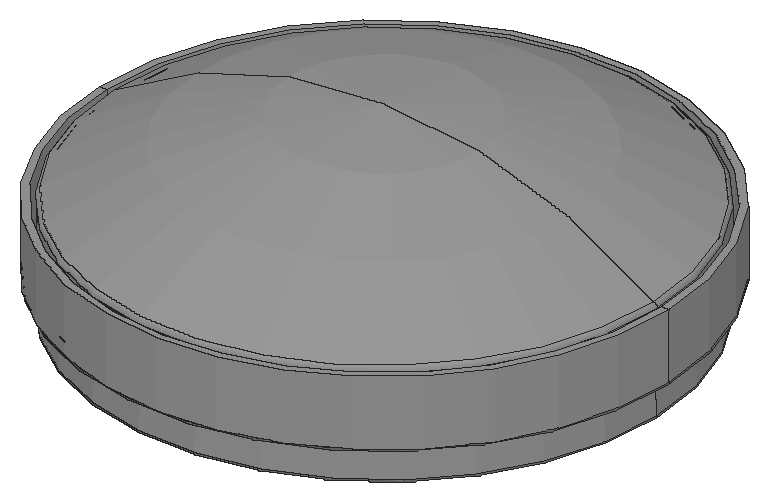
Revit family "3034801 Sylvania Lighting Fixture GIOTTO335 LED G2 3000K SURFACE 1-10V", category Lighting Fixtures, host Face, Revit 2016
Family settings
  Host = Face
  Part Type = Normal
  Round Connector Dimension = Use Diameter
  OmniClass Number = 23.80.70.00
  OmniClass Title = Lighting
  Cut with Voids When Loaded = No
  Light Source = Yes
  Shared = No
  Room Calculation Point = No
Parameters (values of type "3034801 GIOTTO335 LED G2 SURFACE 3000K 1-10V")
  Weight = "1.2 kg"
  Wattage Comments = ""
  Wattage = 23 W
  WarrantyStartDate [instance] = "n/a"
  WarrantyGuarantorParts = "n/a"
  WarrantyDurationUnit = "n/a"
  WarrantyDurationParts = "n/a"
  WarrantyDescription = "n/a"
  built-in parameter 1150110 = 1 (stored number, unit not read)
  Voltage = 230 V
  URL = "http://www.sylvania-lighting.com"
  TypeName = "GIOTTO335 LED G2 3000K SURFACE 1-10V"
  Type Image = <None>
  Type Comments = "n/a"
  built-in parameter 1114217 = 1 (stored number, unit not read)
  Tilt Angle = -90.00°
  built-in parameter 1150109 = 1 (stored number, unit not read)
  built-in parameter 1150134 = (empty or 0)
  built-in parameter 1150113 = 1 (stored number, unit not read)
  SerialNumber [instance] = "n/a"
  Photometric Web File = "3034801.ies"
  Material_3_SYL = LED-Sylvania
  PowerFactor = 0
  PowerConsumption = "23 W"
  NominalLength = 335 mm
  NominalHeight = 110 mm
  NominalDepth = 335 mm
  Name = "GIOTTO335 LED G2 3000K SURFACE 1-10V"
  ModelReference = Name  # "GIOTTO335 LED G2 3000K SURFACE 1-10V"
  ModelNumber = "3034801"
  Model = Name  # "GIOTTO335 LED G2 3000K SURFACE 1-10V"
  Material = "polycarbonate housing, polycarbonate diffuser"
  ManufacturerName = "Feilo Sylvania"
  Manufacturer = "Feilo Sylvania"
  LuminousEfficacy = "92 lm/W"
  built-in parameter 1150105 = 647.62 (stored number, unit not read)
  Lumens = 2116 lm
  LuminaireType = ""
  built-in parameter 1150115 = 1 (stored number, unit not read)
  LightOutputRatio = "n/a"
  built-in parameter 1150137 = (empty or 0)
  built-in parameter 1150139 = (empty or 0)
  LampsType = Lamp  # "LED"
  LampNominalLuminous = "2111 lm"
  LampMacAdamStep = "n/a"
  LampColourTemperature = "3000 K"
  LampColourRenderingIndex = "80"
  built-in parameter 1150112 = 1 (stored number, unit not read)
  built-in parameter 1150114 = 1 (stored number, unit not read)
  Lamp = "LED"
  Keynote = "16500"
  InstallationDate [instance] = "n/a"
  InputVoltage = "n/a"
  InputNominalFrequency = "n/a"
  built-in parameter 1150132 = (empty or 0)
  built-in parameter 1150102 = (empty or 0)
  built-in parameter 1150107 = 3000 (stored number, unit not read)
  built-in parameter 1150138 = (empty or 0)
  IngressProtection = "IP44"
  ImpactProtectionIndex = "IK10"
  built-in parameter 1150106 = 6.4762 (stored number, unit not read)
  IfcExportType = "IfcLightFixtureType"
  IfcExportAs = "IfcLightFixtureType"
  Height_SYL = 110 mm
  ExpectedLife = 50000
  Emit from Circle Diameter = 317 mm
  Emit Shape Visible in Rendering = no
  ElectricShockClassification = "Class I"
  built-in parameter 1150104 = 8.5471 (stored number, unit not read)
  DurationUnit = "hours"
  DocumentationLiterature = "http://www.sylvania-lighting.com/product/en-int/products/3034801"
  DimmingControlOptions = "n/a"
  Material_2_SYL = Polycarbonate_Sylvania_Giotto_Opal
  Dimming Lamp Color Temperature Shift = <None>
  DiffuserRadius_SYL = 282.611 mm
  Diameter_SYL = 335 mm
  Description = "Ambient and decorative round, surface mounted LED bulkhead luminaire. White robust polycarbonate body with opal diffuser, 2111 lm, 23W, 92lm/W, 3000K, CRI 80, 1-10V dimmable, 50,000 hours lumen maintenance. Drive current: 700mA, IP44, IK10, Class I, 220-240V, Energy class: A++, A+, A."
  Default Elevation = 1219.2 mm
  CreatedOn = "9/13/2018"
  CreatedBy = "@sylvania-lighting.com"
  Cost = 0
  Color Filter = 16777215
  built-in parameter 1114216 [instance] = (empty or 0)
  ClassificationValue = "EF_70_80"
  ClassificationName = "Uniclass2015"
  Material_1_SYL = Polycarbonate_Sylvania_Giotto_White
  BarCode [instance] = "n/a"
  built-in parameter 1114218 = 1 (stored number, unit not read)
  built-in parameter 1150133 = 10 (stored number, unit not read)
  AssetType = "Fixed"
  AssetIdentifier [instance] = "n/a"
  Assembly Code = "D5020200"
  Apparent Load = 23 VA
  Material_4_SYL = none
Reference planes
  plane 1 "Center (Front/Back)": y = 0
  plane 2: z = 0
  plane 3 "Center (Left/Right)": x = 0
  plane 4: x = 167.5
  plane 5: x = -167.5
  plane 6: x = -160.5
  plane 7: x = -163.5
  plane 8: z = 110
  plane 9: z = 60
  plane 10: z = 20
  plane 11: z = 25
  plane 12: x = -165.9
  plane 13: z = 21.6
  plane 14: z = 1.6
  plane 15: x = -158.9
  plane 16: z = 19
  plane 17: x = -161.5
  plane 18: z = 26
Forms (mm)
  Revolve 1, solid, material "Polycarbonate_Sylvania_Giotto_White" <- "Material_1_SYL"
    sketch origin (0, 0, 0) x (1, 0, 0) y (0, 0, 1)
      loop
        line (0, 0) -> (0, 26) -> (-158.9, 26) -> (-158.9, 25) -> (-163.5, 25) -> (-163.5, 60) -> (-167.5, 60) -> (-167.5, 21.6)
        arc (-167.5, 21.6) -> (-167.031, 20.469) -> (-165.9, 20) r 1.6
        line (-165.9, 20) -> (-160.5, 20)
        arc (-160.5, 20) -> (-160.193, 19.541) -> (-160.086, 19) r 1.414
        line (-160.086, 19) -> (-160.5, 1.6)
        arc (-160.5, 1.6) -> (-160.031, 0.469) -> (-158.9, 0) r 1.6
        line (-158.9, 0) -> (0, 0)
      axis (0, 60) -> (0, 0)
    angle from 360 to 0
  Revolve 2, solid, material "Polycarbonate_Sylvania_Giotto_Opal" <- "Material_2_SYL"
    sketch origin (0, 0, 0) x (1, 0, 0) y (0, 0, 1)
      loop
        line (-160.5, 25) -> (-158.5, 25) -> (-158.5, 57.891)
        arc (-158.5, 57.891) -> (-158.267, 58.827) -> (-157.623, 59.545) r 2
        arc (-157.623, 59.545) -> (-82.451, 95.612) -> (0, 107.998) r 280.611
        line (0, 107.998) -> (0, 109.998)
        arc (0, 109.998) -> (-83.039, 97.523) -> (-158.747, 61.2) r 282.611
        arc (-158.747, 61.2) -> (-160.035, 59.763) -> (-160.5, 57.891) r 4
        line (-160.5, 57.891) -> (-160.5, 25)
      axis (0, 109.998) -> (0, 25)
    angle from 360 to 0
Dimensions and locks
  equal spacing: plane 4, plane 3 "Center (Left/Right)", plane 5
  "Diameter_SYL": plane 4 to plane 5
  locked: plane 6 to plane 5 at 7
  locked: plane 7 to plane 5 at 4
  "Height_SYL": plane 8 to plane 2
  locked: plane 8 to plane 9 at 50
  locked: plane 9 to plane 10 at 40
  Revolve 1 sketch curve to Revolve 1 sketch curve = 5.4 mm
  locked: plane 11 to plane 10 at 5
  locked: plane 12 to plane 5 at 1.6
  locked: plane 13 to plane 10 at 1.6
  locked: plane 14 to plane 2 at 1.6
  locked: plane 15 to plane 6 at 1.6
  locked: plane 6 to plane 17 at 1
  locked: plane 10 to plane 16 at 1
  locked: plane 18 to plane 11 at 1
  "DiffuserRadius_SYL": radius of Revolve 2 sketch curve
  aligned and locked: plane 2 to host face
  aligned and locked: level to host face
  aligned and locked: Revolve 1 sketch curve to plane 3 "Center (Left/Right)"
  aligned and locked: level to Revolve 1 sketch curve
  aligned and locked: Revolve 1 sketch curve to plane 10
  aligned and locked: plane 9 to Revolve 1 sketch curve
  aligned and locked: Revolve 1 sketch curve to plane 7
  aligned and locked: plane 12 to Revolve 1 sketch curve  (x2)
  aligned and locked: plane 13 to Revolve 1 sketch curve  (x2)
  aligned and locked: plane 17 to Revolve 1 sketch curve
  aligned and locked: plane 16 to Revolve 1 sketch curve  (x2)
  aligned and locked: plane 15 to Revolve 1 sketch curve  (x3)
  aligned and locked: plane 14 to Revolve 1 sketch curve  (x2)
  aligned and locked: Revolve 2 sketch curve to plane 3 "Center (Left/Right)"
  aligned and locked: plane 6 to Revolve 2 sketch curve
  aligned and locked: Revolve 2 sketch curve to Revolve 2 sketch curve
  aligned and locked: plane 3 "Center (Left/Right)" to imposter light
  aligned and locked: imposter light to plane 1 "Center (Front/Back)"
  aligned and locked: plane 18 to Revolve 1 sketch curve
  aligned and locked: plane 11 to Revolve 1 sketch curve
  aligned and locked: plane 11 to Revolve 2 sketch curve
  aligned and locked: plane 3 "Center (Left/Right)" to Revolve 2 sketch curve
  aligned and locked: imposter light to plane 8
Automatic sketch dimensions
  host sketch curve to host sketch curve = 2438.4 mm  (x2)
  Revolve 1 sketch curve to plane 3 "Center (Left/Right)" = 0 mm
  Revolve 1 sketch curve to level = 609.6 mm
  Revolve 1 sketch curve to plane 8 = 2499.058 mm
  Revolve 2 sketch curve to Revolve 2 sketch curve = 0 mm  (x3)
  plane 15 to Revolve 2 sketch curve = 0.4 mm
  Revolve 2 sketch curve to Revolve 2 sketch curve = 2 mm  (x2)
  Revolve 2 sketch curve to level = 172.613 mm
  plane 9 to Revolve 2 sketch curve = 2.109 mm
  Revolve 2 sketch curve to Revolve 2 sketch curve = 436.987 mm
  Revolve 2 sketch curve to plane 8 = 2499.058 mm
Connectors
  electrical at (0, 0, 0), driven by "Apparent Load", driven by "PowerFactor", driven by "Voltage"
    settings: index 1, voltage 230 V, apparent load 23 VA, apparent load phase1 0 VA, apparent load phase2 0 VA, apparent load phase3 0 VA, power factor 0, load classification "Lighting", number of poles 1, system type 30, power factor state 1, is connector primary yes, connector utility no, sub classification motor no, connector description ""
